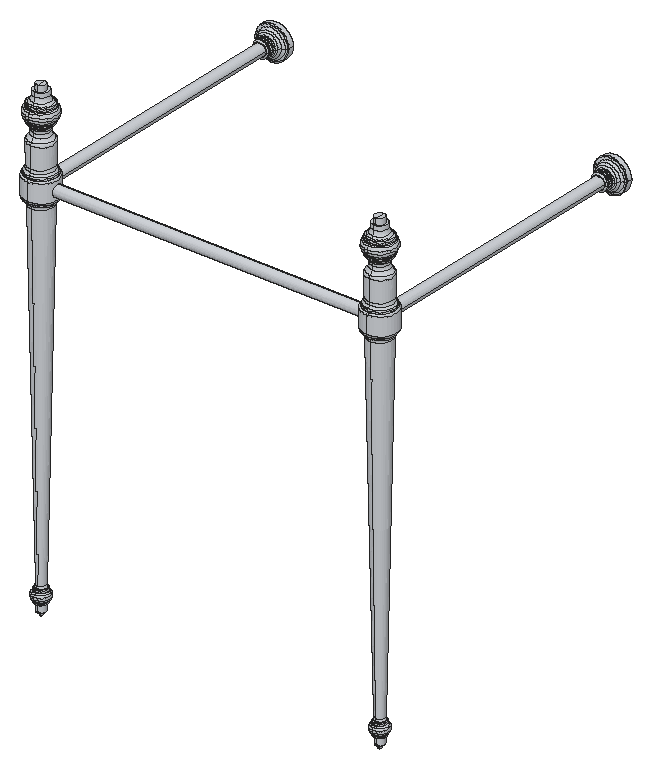
Revit family "Furniture-Console_Table_Legs-KOHLER-Memoirs-K-30010", category Specialty Equipment, host Face, Revit 2015
Parameters (values of type "CP-Polished Chrome")
  Width = 22 15/16"  # constant formula
  URL = "https://www.us.kohler.com/us/"
  Type = 1
  Product Page URL = "http://www.us.kohler.com/us/catalog/productDetails.jsp?productNumber=30010"
  Product Name = "Memoirs"  # constant formula
  Product Documentation Link = "http://www.us.kohler.com/onlinecatalog/pdf/K-30010_spec.pdf"
  Model = if(Type = 1, "K-30010-CP", if(Type = 2, "K-30010-BN", if(Type = 3, "K-30010-BV", if(Type = 4, "K-30010-2BZ", "NA"))))  # "K-30010-CP"
  Material = "Solid Brass"  # constant formula
  MasterFormat 2004 = "10.28.13"  # constant formula
  MasterFormat 1995 = "10820"  # constant formula
  Manufacturer Address = "444 Highland Dr, Kohler, WI 53044"  # constant formula
  Manufacturer = "KOHLER Co."  # constant formula
  Length = 19 7/8"  # constant formula
  Height = 32 1/4"  # constant formula
  Finish = Kohler-Metal-CP-Polished_Chrome
  Environmental Product Declaration = ""
  Description = "Console table legs for K-2259 Memoirs sink"  # constant formula
  Default Elevation = 42"
  Declare Label = ""
  Date Modified = "12/11/2018"  # constant formula
  Date Created = "12/11/2018"  # constant formula
  Copyright = "Copyright KOHLER Co."  # constant formula
  Contact Us = "https://www.us.kohler.com/us/static/contact.jsp"
  Assembly Code = "C1030200"
  ADA Compliant = 1 = 0  # no
Reference planes (in)
  plane 1 "Center (Front/Back)": y = 0
  plane 2: z = 0
  plane 3 "Center (Left/Right)": x = 0
  plane 4: x = -11.46875
  plane 5: x = 11.46875
  plane 6: z = 32.25
  plane 7: y = 19.875
Dimensions and locks (in)
  "Height": plane 6 to level
  "Length": plane 7 to plane 1 "Center (Front/Back)"
  "Width": plane 4 to plane 5
  aligned and locked: host face to plane 2
  aligned and locked: host face to level
Automatic sketch dimensions
  host sketch curve to host sketch curve = 96"  (x2)
Nested families (in)
  nested 1: "K-30010" at (0, 19.875, 16.125) x (-1, 0, 0) z (0, -1, 0), type "K-30010"
Definition of nested family "K-30010"
  Parameters (values of type "K-30010")
    Material = none
    Default Elevation = 48"
  Reference planes (in)
    plane 1 "Center (Front/Back)": y = 0
    plane 2: z = 0
    plane 3 "Center (Left/Right)": x = 0
    plane 4: x = -11.46875
    plane 5: y = 16.125
    plane 6: y = -16.125
    plane 7: z = 19.875
    plane 8: x = 11.46875
  Forms (in)
    Revolve 1, solid, material <- "Material", detail levels medium+fine
      sketch origin (2.60225, 10.011, 0) x (1, 0, 0) y (0, 0, 1)
        loop
          line (8.8665, 0) -> (8.8665, 19.875) -> (8.4915, 19.875) -> (8.4915, 1.346) -> (8.41056, 1.346)
          arc (8.41056, 1.346) -> (8.35644, 1.32732) -> (8.32535, 1.27924) r 0.08775
          arc (8.32535, 1.27924) -> (8.32209, 1.25169) -> (8.32567, 1.22418) r 0.11251
          arc (8.32567, 1.22418) -> (8.33527, 1.20686) -> (8.35207, 1.19637) r 0.03951
          arc (8.35207, 1.19637) -> (8.37205, 1.18696) -> (8.38876, 1.17254) r 0.08155
          arc (8.38876, 1.17254) -> (8.41798, 1.12495) -> (8.42939, 1.0703) r 0.16273
          arc (8.42939, 1.0703) -> (8.41548, 1.01029) -> (8.37349, 0.96522) r 0.11929
          arc (8.37349, 0.96522) -> (8.34977, 0.95245) -> (8.32458, 0.94291) r 0.20464
          arc (8.32458, 0.94291) -> (8.30177, 0.92618) -> (8.29436, 0.89887) r 0.04282
          arc (8.29436, 0.89887) -> (8.28152, 0.85026) -> (8.24157, 0.81975) r 0.07754
          arc (8.24157, 0.81975) -> (8.18109, 0.78696) -> (8.1355, 0.73544) r 0.19783
          arc (8.1355, 0.73544) -> (8.09143, 0.65925) -> (8.05125, 0.58094) r 1.74576
          arc (8.05125, 0.58094) -> (7.99566, 0.49545) -> (7.92029, 0.42677) r 0.40039
          arc (7.92029, 0.42677) -> (7.84865, 0.39029) -> (7.76973, 0.37504) r 0.28779
          arc (7.76973, 0.37504) -> (7.74365, 0.36305) -> (7.733, 0.3364) r 0.03869
          line (7.733, 0.3364) -> (7.733, 0) -> (8.8665, 0)
        axis (8.8665, 19.875) -> (8.8665, 0)
      angle from 0 to 360
    Revolve 2, solid, material <- "Material", detail levels medium+fine
      sketch origin (-2.59375, 10.011, 0) x (-1, 0, 0) y (0, 0, -1)
        loop
          line (8.875, 0) -> (7.7415, 0) -> (7.7415, -0.3364)
          arc (7.7415, -0.3364) -> (7.75215, -0.36305) -> (7.77823, -0.37504) r 0.03869
          arc (7.77823, -0.37504) -> (7.85715, -0.39029) -> (7.92879, -0.42677) r 0.28779
          arc (7.92879, -0.42677) -> (8.00416, -0.49545) -> (8.05975, -0.58094) r 0.40039
          arc (8.05975, -0.58094) -> (8.09993, -0.65925) -> (8.144, -0.73544) r 1.74576
          arc (8.144, -0.73544) -> (8.18959, -0.78696) -> (8.25007, -0.81975) r 0.19783
          arc (8.25007, -0.81975) -> (8.29002, -0.85026) -> (8.30286, -0.89887) r 0.07754
          arc (8.30286, -0.89887) -> (8.31027, -0.92618) -> (8.33308, -0.94291) r 0.04282
          arc (8.33308, -0.94291) -> (8.35827, -0.95245) -> (8.38199, -0.96522) r 0.20464
          arc (8.38199, -0.96522) -> (8.42398, -1.01029) -> (8.43789, -1.0703) r 0.11929
          arc (8.43789, -1.0703) -> (8.42648, -1.12495) -> (8.39726, -1.17254) r 0.16273
          arc (8.39726, -1.17254) -> (8.38055, -1.18696) -> (8.36057, -1.19637) r 0.08155
          arc (8.36057, -1.19637) -> (8.34377, -1.20686) -> (8.33417, -1.22418) r 0.03951
          arc (8.33417, -1.22418) -> (8.33059, -1.25169) -> (8.33386, -1.27924) r 0.11251
          arc (8.33386, -1.27924) -> (8.36494, -1.32732) -> (8.41906, -1.346) r 0.08775
          line (8.41906, -1.346) -> (8.5, -1.346) -> (8.5, -19.875) -> (8.875, -19.875) -> (8.875, 0)
        axis (8.875, -19.875) -> (8.875, 0)
      angle from 0 to 360
    Revolve 3, solid, material <- "Material", detail levels medium+fine
      sketch origin (-11.46875, 0, 3.5625) x (0, 1, 0) y (0, 0, 1)
        loop
          line (16.125, 16.3125) -> (16.125, 16.6215) -> (15.765, 16.6215) -> (15.765, 16.8065) -> (15.515, 16.8065)
          arc (15.515, 16.8065) -> (15.35094, 16.82869) -> (15.19867, 16.89366) r 0.61762
          arc (15.19867, 16.89366) -> (15.11895, 16.95203) -> (15.05158, 17.02431) r 0.52475
          arc (15.05158, 17.02431) -> (15.01863, 17.07736) -> (14.99688, 17.13591) r 0.31252
          arc (14.99688, 17.13591) -> (14.97885, 17.16317) -> (14.94791, 17.17373) r 0.05061
          line (14.94791, 17.17373) -> (14.85323, 17.17373)
          arc (14.85323, 17.17373) -> (14.82854, 17.17879) -> (14.80784, 17.19315) r 0.06273
          arc (14.80784, 17.19315) -> (14.76185, 17.23557) -> (14.71083, 17.27178) r 0.49001
          arc (14.71083, 17.27178) -> (14.62314, 17.31622) -> (14.52924, 17.34532) r 0.58399
          arc (14.52924, 17.34532) -> (14.442, 17.35651) -> (14.35415, 17.35211) r 0.49615
          arc (14.35415, 17.35211) -> (14.25641, 17.32992) -> (14.1638, 17.29158) r 0.5934
          arc (14.1638, 17.29158) -> (14.09759, 17.25005) -> (14.03918, 17.19812) r 0.46996
          arc (14.03918, 17.19812) -> (14.01299, 17.17992) -> (13.98175, 17.1735) r 0.0793
          line (13.98175, 17.1735) -> (13.89812, 17.1735)
          arc (13.89812, 17.1735) -> (13.86983, 17.16696) -> (13.84728, 17.14865) r 0.06443
          arc (13.84728, 17.14865) -> (13.82732, 17.12431) -> (13.80614, 17.10101) r 0.61911
          arc (13.80614, 17.10101) -> (13.74083, 17.03972) -> (13.66928, 16.98584) r 0.82896
          arc (13.66928, 16.98584) -> (13.61365, 16.95374) -> (13.55418, 16.92951) r 0.4712
          arc (13.55418, 16.92951) -> (13.46183, 16.90463) -> (13.3673, 16.89012) r 0.86277
          arc (13.3673, 16.89012) -> (13.24304, 16.89348) -> (13.12341, 16.92722) r 0.50287
          arc (13.12341, 16.92722) -> (12.98459, 17.00156) -> (12.86189, 17.10024) r 0.84916
          arc (12.86189, 17.10024) -> (12.77921, 17.1535) -> (12.68239, 17.17074) r 0.25
          line (12.68239, 17.17074) -> (11.29071, 17.14048)
          arc (11.29071, 17.14048) -> (11.18734, 17.14534) -> (11.08561, 17.16432) r 0.7535
          arc (11.08561, 17.16432) -> (10.98562, 17.20401) -> (10.89852, 17.26716) r 0.43244
          arc (10.89852, 17.26716) -> (10.86414, 17.2889) -> (10.82418, 17.29651) r 0.10882
          line (10.82418, 17.29651) -> (10.7402, 17.29651)
          arc (10.7402, 17.29651) -> (10.7237, 17.3034) -> (10.71699, 17.31997) r 0.02321
          arc (10.71699, 17.31997) -> (10.68841, 17.39063) -> (10.61808, 17.42) r 0.09892
          line (10.61808, 17.42) -> (9.40474, 17.42)
          arc (9.40474, 17.42) -> (9.33311, 17.38967) -> (9.30505, 17.31711) r 0.09974
          arc (9.30505, 17.31711) -> (9.29943, 17.30258) -> (9.28508, 17.2965) r 0.01998
          line (9.28508, 17.2965) -> (9.19764, 17.2965)
          arc (9.19764, 17.2965) -> (9.16479, 17.28738) -> (9.14136, 17.26262) r 0.06369
          arc (9.14136, 17.26262) -> (9.02349, 17.13683) -> (8.85813, 17.08814) r 0.32813
          line (8.85813, 17.08814) -> (-14.19593, 16.61484)
          arc (-14.19593, 16.61484) -> (-14.2741, 16.62311) -> (-14.34774, 16.6506) r 0.31293
          arc (-14.34774, 16.6506) -> (-14.387, 16.67549) -> (-14.42168, 16.70644) r 0.28437
          arc (-14.42168, 16.70644) -> (-14.44312, 16.72136) -> (-14.46869, 16.72661) r 0.06488
          line (-14.46869, 16.72661) -> (-14.56367, 16.72661)
          arc (-14.56367, 16.72661) -> (-14.5782, 16.73217) -> (-14.58531, 16.74599) r 0.02176
          arc (-14.58531, 16.74599) -> (-14.58951, 16.76093) -> (-14.59832, 16.7737) r 0.04734
          arc (-14.59832, 16.7737) -> (-14.63686, 16.81048) -> (-14.67821, 16.84406) r 0.66345
          arc (-14.67821, 16.84406) -> (-14.73924, 16.87864) -> (-14.80697, 16.8969) r 0.27881
          arc (-14.80697, 16.8969) -> (-14.8828, 16.90092) -> (-14.95824, 16.89217) r 0.45132
          arc (-14.95824, 16.89217) -> (-15.02292, 16.87159) -> (-15.08166, 16.83758) r 0.31371
          arc (-15.08166, 16.83758) -> (-15.12797, 16.79804) -> (-15.16801, 16.75216) r 0.41553
          arc (-15.16801, 16.75216) -> (-15.19005, 16.73378) -> (-15.21798, 16.72719) r 0.0625
          line (-15.21798, 16.72719) -> (-15.27256, 16.72719)
          arc (-15.27256, 16.72719) -> (-15.3168, 16.70887) -> (-15.33512, 16.66463) r 0.06256
          line (-15.33512, 16.66463) -> (-15.33512, 16.6065) -> (-15.81259, 16.6065)
          arc (-15.81259, 16.6065) -> (-15.85672, 16.58822) -> (-15.875, 16.54409) r 0.06241
          line (-15.875, 16.54409) -> (-15.875, 16.3965) -> (-16.094, 16.3965) -> (-16.125, 16.3655) -> (-16.125, 16.3125) -> (16.125, 16.3125)
        axis (-16.125, 16.3125) -> (16.125, 16.3125)
      angle from 0 to 360
    Revolve 4, solid, material <- "Material", detail levels medium+fine
      sketch origin (11.46875, 0, 3.5625) x (0, 1, 0) y (0, 0, -1)
        loop
          line (16.125, -16.3125) -> (-16.125, -16.3125) -> (-16.125, -16.3655) -> (-16.094, -16.3965) -> (-15.875, -16.3965) -> (-15.875, -16.54409)
          arc (-15.875, -16.54409) -> (-15.85672, -16.58822) -> (-15.81259, -16.6065) r 0.06241
          line (-15.81259, -16.6065) -> (-15.33512, -16.6065) -> (-15.33512, -16.66463)
          arc (-15.33512, -16.66463) -> (-15.3168, -16.70887) -> (-15.27256, -16.72719) r 0.06256
          line (-15.27256, -16.72719) -> (-15.21798, -16.72719)
          arc (-15.21798, -16.72719) -> (-15.19005, -16.73378) -> (-15.16801, -16.75216) r 0.0625
          arc (-15.16801, -16.75216) -> (-15.12797, -16.79804) -> (-15.08166, -16.83758) r 0.41553
          arc (-15.08166, -16.83758) -> (-15.02292, -16.87159) -> (-14.95824, -16.89217) r 0.31371
          arc (-14.95824, -16.89217) -> (-14.8828, -16.90092) -> (-14.80697, -16.8969) r 0.45132
          arc (-14.80697, -16.8969) -> (-14.73924, -16.87864) -> (-14.67821, -16.84406) r 0.27881
          arc (-14.67821, -16.84406) -> (-14.63686, -16.81048) -> (-14.59832, -16.7737) r 0.66345
          arc (-14.59832, -16.7737) -> (-14.58951, -16.76093) -> (-14.58531, -16.74599) r 0.04734
          arc (-14.58531, -16.74599) -> (-14.5782, -16.73217) -> (-14.56367, -16.72661) r 0.02176
          line (-14.56367, -16.72661) -> (-14.46869, -16.72661)
          arc (-14.46869, -16.72661) -> (-14.44312, -16.72136) -> (-14.42168, -16.70644) r 0.06488
          arc (-14.42168, -16.70644) -> (-14.387, -16.67549) -> (-14.34774, -16.6506) r 0.28437
          arc (-14.34774, -16.6506) -> (-14.2741, -16.62311) -> (-14.19593, -16.61484) r 0.31293
          line (-14.19593, -16.61484) -> (8.85813, -17.08814)
          arc (8.85813, -17.08814) -> (9.02349, -17.13683) -> (9.14136, -17.26262) r 0.32813
          arc (9.14136, -17.26262) -> (9.16479, -17.28738) -> (9.19764, -17.2965) r 0.06369
          line (9.19764, -17.2965) -> (9.28508, -17.2965)
          arc (9.28508, -17.2965) -> (9.29943, -17.30258) -> (9.30505, -17.31711) r 0.01998
          arc (9.30505, -17.31711) -> (9.33311, -17.38967) -> (9.40474, -17.42) r 0.09974
          line (9.40474, -17.42) -> (10.61808, -17.42)
          arc (10.61808, -17.42) -> (10.68841, -17.39063) -> (10.71699, -17.31997) r 0.09892
          arc (10.71699, -17.31997) -> (10.7237, -17.3034) -> (10.7402, -17.29651) r 0.02321
          line (10.7402, -17.29651) -> (10.82418, -17.29651)
          arc (10.82418, -17.29651) -> (10.86414, -17.2889) -> (10.89852, -17.26716) r 0.10882
          arc (10.89852, -17.26716) -> (10.98562, -17.20401) -> (11.08561, -17.16432) r 0.43244
          arc (11.08561, -17.16432) -> (11.18734, -17.14534) -> (11.29071, -17.14048) r 0.7535
          line (11.29071, -17.14048) -> (12.68239, -17.17074)
          arc (12.68239, -17.17074) -> (12.77921, -17.1535) -> (12.86189, -17.10024) r 0.25
          arc (12.86189, -17.10024) -> (12.98459, -17.00156) -> (13.12341, -16.92722) r 0.84916
          arc (13.12341, -16.92722) -> (13.24304, -16.89348) -> (13.3673, -16.89012) r 0.50287
          arc (13.3673, -16.89012) -> (13.46183, -16.90463) -> (13.55418, -16.92951) r 0.86277
          arc (13.55418, -16.92951) -> (13.61365, -16.95374) -> (13.66928, -16.98584) r 0.4712
          arc (13.66928, -16.98584) -> (13.74083, -17.03972) -> (13.80614, -17.10101) r 0.82896
          arc (13.80614, -17.10101) -> (13.82732, -17.12431) -> (13.84728, -17.14865) r 0.61911
          arc (13.84728, -17.14865) -> (13.86983, -17.16696) -> (13.89812, -17.1735) r 0.06443
          line (13.89812, -17.1735) -> (13.98175, -17.1735)
          arc (13.98175, -17.1735) -> (14.01299, -17.17992) -> (14.03918, -17.19812) r 0.0793
          arc (14.03918, -17.19812) -> (14.09759, -17.25005) -> (14.1638, -17.29158) r 0.46996
          arc (14.1638, -17.29158) -> (14.25641, -17.32992) -> (14.35415, -17.35211) r 0.5934
          arc (14.35415, -17.35211) -> (14.442, -17.35651) -> (14.52924, -17.34532) r 0.49615
          arc (14.52924, -17.34532) -> (14.62314, -17.31622) -> (14.71083, -17.27178) r 0.58399
          arc (14.71083, -17.27178) -> (14.76185, -17.23557) -> (14.80784, -17.19315) r 0.49001
          arc (14.80784, -17.19315) -> (14.82854, -17.17879) -> (14.85323, -17.17373) r 0.06273
          line (14.85323, -17.17373) -> (14.94791, -17.17373)
          arc (14.94791, -17.17373) -> (14.97885, -17.16317) -> (14.99688, -17.13591) r 0.05061
          arc (14.99688, -17.13591) -> (15.01863, -17.07736) -> (15.05158, -17.02431) r 0.31252
          arc (15.05158, -17.02431) -> (15.11895, -16.95203) -> (15.19867, -16.89366) r 0.52475
          arc (15.19867, -16.89366) -> (15.35094, -16.82869) -> (15.515, -16.8065) r 0.61762
          line (15.515, -16.8065) -> (15.765, -16.8065) -> (15.765, -16.6215) -> (16.125, -16.6215) -> (16.125, -16.3125)
        axis (-16.125, -16.3125) -> (16.125, -16.3125)
      angle from 0 to 360
    Extrusion 5, solid, material <- "Material", detail levels medium+fine
      sketch origin (0, 0, 3.5625) x (0, 1, 0) y (0, 0, 1)
        loop
          circle (10.011, 16.3125) r 0.375
      from -11.46875 to 11.46875
    Revolve 6, solid, material <- "Material", detail levels coarse
      sketch origin (11.46875, 0, 0) x (0, 1, 0) y (0, 0, 1)
        loop
          line (10.011, 0) -> (10.011, 19.875) -> (9.636, 19.875) -> (9.636, 1.346) -> (8.8775, 1.346) -> (8.8775, 0) -> (10.011, 0)
        axis (10.011, 0) -> (10.011, 19.875)
      angle from 0 to 360
    Revolve 7, solid, material <- "Material", detail levels coarse
      sketch origin (-11.46875, 0, 0) x (0, 1, 0) y (0, 0, -1)
        loop
          line (10.011, 0) -> (8.8775, 0) -> (8.8775, -1.346) -> (9.636, -1.346) -> (9.636, -19.875) -> (10.011, -19.875) -> (10.011, 0)
        axis (10.011, 0) -> (10.011, -19.875)
      angle from 0 to 360
    Revolve 8, solid, material <- "Material", detail levels coarse
      sketch origin (0, 0, 19.875) x (1, 0, 0) y (0, 1, 0)
        loop
          line (-11.46875, 16.125) -> (-11.46875, -16.125) -> (-10.88033, -16.125) -> (-10.88033, -14.8828) -> (-10.36125, 10.386) -> (-10.42474, 14.442) -> (-10.42474, 16.125) -> (-11.46875, 16.125)
        axis (-11.46875, 16.125) -> (-11.46875, -16.125)
      angle from 0 to 360
    Revolve 9, solid, material <- "Material", detail levels coarse
      sketch origin (0, 0, 19.875) x (-1, 0, 0) y (0, -1, 0)
        loop
          line (-11.46875, -16.125) -> (-10.42474, -16.125) -> (-10.42474, -14.442) -> (-10.36125, -10.386) -> (-10.88033, 14.8828) -> (-10.88033, 16.125) -> (-11.46875, 16.125) -> (-11.46875, -16.125)
        axis (-11.46875, -16.125) -> (-11.46875, 16.125)
      angle from 0 to 360
    Extrusion 10, solid, material <- "Material", detail levels coarse
      sketch origin (0, 0, 0) x (0, 1, 0) y (0, 0, 1)
        loop
          circle (10.011, 19.875) r 0.44393
      from -11.46875 to 11.46875
  Cuts and joins
    joined: Revolve 1, Revolve 2, Revolve 3, Revolve 4, Extrusion 5
    joined: Revolve 6, Revolve 7, Revolve 8, Revolve 9, Extrusion 10
  Lines and regions (in)
    Masking region 1
      outline origin (0, 0, 0) x (1, 0, 0) y (0, 0, 1)
        loop
          line (11.46875, 0) -> (12.60225, 0) -> (12.60225, 0.3364)
          arc (12.60225, 0.3364) -> (12.5916, 0.36305) -> (12.56552, 0.37504) r 0.03869
          arc (12.56552, 0.37504) -> (12.4866, 0.39029) -> (12.41496, 0.42677) r 0.28779
          arc (12.41496, 0.42677) -> (12.33959, 0.49545) -> (12.284, 0.58094) r 0.40039
          arc (12.284, 0.58094) -> (12.24382, 0.65925) -> (12.19975, 0.73544) r 1.74576
          arc (12.19975, 0.73544) -> (12.15416, 0.78696) -> (12.09368, 0.81975) r 0.19783
          arc (12.09368, 0.81975) -> (12.05373, 0.85026) -> (12.04089, 0.89887) r 0.07754
          arc (12.04089, 0.89887) -> (12.03348, 0.92618) -> (12.01067, 0.94291) r 0.04282
          arc (12.01067, 0.94291) -> (11.98548, 0.95245) -> (11.96176, 0.96522) r 0.20464
          arc (11.96176, 0.96522) -> (11.91977, 1.01029) -> (11.90586, 1.0703) r 0.11929
          arc (11.90586, 1.0703) -> (11.91727, 1.12495) -> (11.94649, 1.17254) r 0.16273
          arc (11.94649, 1.17254) -> (11.9632, 1.18696) -> (11.98318, 1.19637) r 0.08155
          arc (11.98318, 1.19637) -> (11.99998, 1.20686) -> (12.00958, 1.22418) r 0.03951
          arc (12.00958, 1.22418) -> (12.01316, 1.25169) -> (12.00989, 1.27924) r 0.11251
          arc (12.00989, 1.27924) -> (11.97881, 1.32732) -> (11.92469, 1.346) r 0.08775
          line (11.92469, 1.346) -> (11.84375, 1.346) -> (11.84375, 18.83289)
          arc (11.84375, 18.83289) -> (12.25189, 20.65814) -> (10.42664, 20.25) r 1.10753
          line (10.42664, 20.25) -> (-10.42667, 20.25)
          arc (-10.42667, 20.25) -> (-12.25187, 20.65812) -> (-11.84375, 18.83292) r 1.1075
          line (-11.84375, 18.83292) -> (-11.84375, 1.346) -> (-11.92469, 1.346)
          arc (-11.92469, 1.346) -> (-11.97881, 1.32732) -> (-12.00989, 1.27924) r 0.08775
          arc (-12.00989, 1.27924) -> (-12.01316, 1.25169) -> (-12.00958, 1.22418) r 0.11251
          arc (-12.00958, 1.22418) -> (-11.99998, 1.20686) -> (-11.98318, 1.19637) r 0.03951
          arc (-11.98318, 1.19637) -> (-11.9632, 1.18696) -> (-11.94649, 1.17254) r 0.08155
          arc (-11.94649, 1.17254) -> (-11.91727, 1.12495) -> (-11.90586, 1.0703) r 0.16273
          arc (-11.90586, 1.0703) -> (-11.91977, 1.01029) -> (-11.96176, 0.96522) r 0.11929
          arc (-11.96176, 0.96522) -> (-11.98548, 0.95245) -> (-12.01067, 0.94291) r 0.20464
          arc (-12.01067, 0.94291) -> (-12.03348, 0.92618) -> (-12.04089, 0.89887) r 0.04282
          arc (-12.04089, 0.89887) -> (-12.05373, 0.85026) -> (-12.09368, 0.81975) r 0.07754
          arc (-12.09368, 0.81975) -> (-12.15416, 0.78696) -> (-12.19975, 0.73544) r 0.19783
          arc (-12.19975, 0.73544) -> (-12.24382, 0.65925) -> (-12.284, 0.58094) r 1.74576
          arc (-12.284, 0.58094) -> (-12.33959, 0.49545) -> (-12.41496, 0.42677) r 0.40039
          arc (-12.41496, 0.42677) -> (-12.4866, 0.39029) -> (-12.56552, 0.37504) r 0.28779
          arc (-12.56552, 0.37504) -> (-12.5916, 0.36305) -> (-12.60225, 0.3364) r 0.03869
          line (-12.60225, 0.3364) -> (-12.60225, 0) -> (-11.46875, 0) -> (-10.33525, 0) -> (-10.33525, 0.3364)
          arc (-10.33525, 0.3364) -> (-10.3459, 0.36305) -> (-10.37198, 0.37504) r 0.03869
          arc (-10.37198, 0.37504) -> (-10.4509, 0.39029) -> (-10.52254, 0.42677) r 0.28779
          arc (-10.52254, 0.42677) -> (-10.59791, 0.49545) -> (-10.6535, 0.58094) r 0.40039
          arc (-10.6535, 0.58094) -> (-10.69368, 0.65925) -> (-10.73775, 0.73544) r 1.74576
          arc (-10.73775, 0.73544) -> (-10.78334, 0.78696) -> (-10.84382, 0.81975) r 0.19783
          arc (-10.84382, 0.81975) -> (-10.88377, 0.85026) -> (-10.89661, 0.89887) r 0.07754
          arc (-10.89661, 0.89887) -> (-10.90402, 0.92618) -> (-10.92683, 0.94291) r 0.04282
          arc (-10.92683, 0.94291) -> (-10.95202, 0.95245) -> (-10.97574, 0.96522) r 0.20464
          arc (-10.97574, 0.96522) -> (-11.01773, 1.01029) -> (-11.03164, 1.0703) r 0.11929
          arc (-11.03164, 1.0703) -> (-11.02023, 1.12495) -> (-10.99101, 1.17254) r 0.16273
          arc (-10.99101, 1.17254) -> (-10.9743, 1.18696) -> (-10.95432, 1.19637) r 0.08155
          arc (-10.95432, 1.19637) -> (-10.93752, 1.20686) -> (-10.92792, 1.22418) r 0.03951
          arc (-10.92792, 1.22418) -> (-10.92434, 1.25169) -> (-10.92761, 1.27924) r 0.11251
          arc (-10.92761, 1.27924) -> (-10.95869, 1.32732) -> (-11.01281, 1.346) r 0.08775
          line (-11.01281, 1.346) -> (-11.09375, 1.346) -> (-11.09375, 18.83292)
          arc (-11.09375, 18.83292) -> (-10.68563, 19.09188) -> (-10.42667, 19.5) r 1.1075
          line (-10.42667, 19.5) -> (10.42664, 19.5)
          arc (10.42664, 19.5) -> (10.68561, 19.09186) -> (11.09375, 18.83289) r 1.10753
          line (11.09375, 18.83289) -> (11.09375, 1.346) -> (11.01281, 1.346)
          arc (11.01281, 1.346) -> (10.95869, 1.32732) -> (10.92761, 1.27924) r 0.08775
          arc (10.92761, 1.27924) -> (10.92434, 1.25169) -> (10.92792, 1.22418) r 0.11251
          arc (10.92792, 1.22418) -> (10.93752, 1.20686) -> (10.95432, 1.19637) r 0.03951
          arc (10.95432, 1.19637) -> (10.9743, 1.18696) -> (10.99101, 1.17254) r 0.08155
          arc (10.99101, 1.17254) -> (11.02023, 1.12495) -> (11.03164, 1.0703) r 0.16273
          arc (11.03164, 1.0703) -> (11.01773, 1.01029) -> (10.97574, 0.96522) r 0.11929
          arc (10.97574, 0.96522) -> (10.95202, 0.95245) -> (10.92683, 0.94291) r 0.20464
          arc (10.92683, 0.94291) -> (10.90402, 0.92618) -> (10.89661, 0.89887) r 0.04282
          arc (10.89661, 0.89887) -> (10.88377, 0.85026) -> (10.84382, 0.81975) r 0.07754
          arc (10.84382, 0.81975) -> (10.78334, 0.78696) -> (10.73775, 0.73544) r 0.19783
          arc (10.73775, 0.73544) -> (10.69368, 0.65925) -> (10.6535, 0.58094) r 1.74576
          arc (10.6535, 0.58094) -> (10.59791, 0.49545) -> (10.52254, 0.42677) r 0.40039
          arc (10.52254, 0.42677) -> (10.4509, 0.39029) -> (10.37198, 0.37504) r 0.28779
          arc (10.37198, 0.37504) -> (10.3459, 0.36305) -> (10.33525, 0.3364) r 0.03869
          line (10.33525, 0.3364) -> (10.33525, 0) -> (11.46875, 0)
    Masking region 2
      outline origin (0, 0, 0) x (0, 1, 0) y (0, 0, 1)
        loop
          line (10.011, 0) -> (11.1445, 0) -> (11.1445, 0.3364)
          arc (11.1445, 0.3364) -> (11.13385, 0.36305) -> (11.10777, 0.37504) r 0.03869
          arc (11.10777, 0.37504) -> (11.02885, 0.39029) -> (10.95721, 0.42677) r 0.28779
          arc (10.95721, 0.42677) -> (10.88184, 0.49545) -> (10.82625, 0.58094) r 0.40039
          arc (10.82625, 0.58094) -> (10.78607, 0.65925) -> (10.742, 0.73544) r 1.74576
          arc (10.742, 0.73544) -> (10.69641, 0.78696) -> (10.63593, 0.81975) r 0.19783
          arc (10.63593, 0.81975) -> (10.59598, 0.85026) -> (10.58314, 0.89887) r 0.07754
          arc (10.58314, 0.89887) -> (10.57573, 0.92618) -> (10.55292, 0.94291) r 0.04282
          arc (10.55292, 0.94291) -> (10.52773, 0.95245) -> (10.50401, 0.96522) r 0.20464
          arc (10.50401, 0.96522) -> (10.46202, 1.01029) -> (10.44811, 1.0703) r 0.11929
          arc (10.44811, 1.0703) -> (10.45952, 1.12495) -> (10.48874, 1.17254) r 0.16273
          arc (10.48874, 1.17254) -> (10.50545, 1.18696) -> (10.52543, 1.19637) r 0.08155
          arc (10.52543, 1.19637) -> (10.54223, 1.20686) -> (10.55183, 1.22418) r 0.03951
          arc (10.55183, 1.22418) -> (10.55541, 1.25169) -> (10.55214, 1.27924) r 0.11251
          arc (10.55214, 1.27924) -> (10.52106, 1.32732) -> (10.46694, 1.346) r 0.08775
          line (10.46694, 1.346) -> (10.386, 1.346) -> (10.386, 18.7675) -> (10.61808, 18.7675)
          arc (10.61808, 18.7675) -> (10.68841, 18.79687) -> (10.71699, 18.86753) r 0.09892
          arc (10.71699, 18.86753) -> (10.7237, 18.8841) -> (10.7402, 18.89099) r 0.02321
          line (10.7402, 18.89099) -> (10.82418, 18.89099)
          arc (10.82418, 18.89099) -> (10.86414, 18.8986) -> (10.89852, 18.92034) r 0.10882
          arc (10.89852, 18.92034) -> (10.98562, 18.98349) -> (11.08561, 19.02318) r 0.43244
          arc (11.08561, 19.02318) -> (11.18734, 19.04216) -> (11.29071, 19.04702) r 0.7535
          line (11.29071, 19.04702) -> (12.68239, 19.01676)
          arc (12.68239, 19.01676) -> (12.77921, 19.034) -> (12.86189, 19.08726) r 0.25
          arc (12.86189, 19.08726) -> (12.98459, 19.18594) -> (13.12341, 19.26028) r 0.84916
          arc (13.12341, 19.26028) -> (13.24304, 19.29402) -> (13.3673, 19.29738) r 0.50287
          arc (13.3673, 19.29738) -> (13.46183, 19.28287) -> (13.55418, 19.25799) r 0.86277
          arc (13.55418, 19.25799) -> (13.61365, 19.23376) -> (13.66928, 19.20166) r 0.4712
          arc (13.66928, 19.20166) -> (13.74083, 19.14778) -> (13.80614, 19.08649) r 0.82896
          arc (13.80614, 19.08649) -> (13.82732, 19.06319) -> (13.84728, 19.03885) r 0.61911
          arc (13.84728, 19.03885) -> (13.86983, 19.02054) -> (13.89812, 19.014) r 0.06443
          line (13.89812, 19.014) -> (13.98175, 19.014)
          arc (13.98175, 19.014) -> (14.01299, 19.00758) -> (14.03918, 18.98938) r 0.0793
          arc (14.03918, 18.98938) -> (14.09759, 18.93745) -> (14.1638, 18.89592) r 0.46996
          arc (14.1638, 18.89592) -> (14.25641, 18.85758) -> (14.35415, 18.83539) r 0.5934
          arc (14.35415, 18.83539) -> (14.442, 18.83099) -> (14.52924, 18.84218) r 0.49615
          arc (14.52924, 18.84218) -> (14.62314, 18.87128) -> (14.71083, 18.91572) r 0.58399
          arc (14.71083, 18.91572) -> (14.76185, 18.95193) -> (14.80784, 18.99435) r 0.49001
          arc (14.80784, 18.99435) -> (14.82854, 19.00871) -> (14.85323, 19.01377) r 0.06273
          line (14.85323, 19.01377) -> (14.94791, 19.01377)
          arc (14.94791, 19.01377) -> (14.97885, 19.02433) -> (14.99688, 19.05159) r 0.05061
          arc (14.99688, 19.05159) -> (15.01863, 19.11014) -> (15.05158, 19.16319) r 0.31252
          arc (15.05158, 19.16319) -> (15.11895, 19.23547) -> (15.19867, 19.29384) r 0.52475
          arc (15.19867, 19.29384) -> (15.35094, 19.35881) -> (15.515, 19.381) r 0.61762
          line (15.515, 19.381) -> (15.765, 19.381) -> (15.765, 19.566) -> (16.125, 19.566) -> (16.125, 19.875) -> (16.125, 20.184) -> (15.765, 20.184) -> (15.765, 20.369) -> (15.515, 20.369)
          arc (15.515, 20.369) -> (15.35094, 20.39119) -> (15.19867, 20.45616) r 0.61762
          arc (15.19867, 20.45616) -> (15.11895, 20.51453) -> (15.05158, 20.58681) r 0.52475
          arc (15.05158, 20.58681) -> (15.01863, 20.63986) -> (14.99688, 20.69841) r 0.31252
          arc (14.99688, 20.69841) -> (14.97885, 20.72567) -> (14.94791, 20.73623) r 0.05061
          line (14.94791, 20.73623) -> (14.85323, 20.73623)
          arc (14.85323, 20.73623) -> (14.82854, 20.74129) -> (14.80784, 20.75565) r 0.06273
          arc (14.80784, 20.75565) -> (14.76185, 20.79807) -> (14.71083, 20.83428) r 0.49001
          arc (14.71083, 20.83428) -> (14.62314, 20.87872) -> (14.52924, 20.90782) r 0.58399
          arc (14.52924, 20.90782) -> (14.442, 20.91901) -> (14.35415, 20.91461) r 0.49615
          arc (14.35415, 20.91461) -> (14.25641, 20.89242) -> (14.1638, 20.85408) r 0.5934
          arc (14.1638, 20.85408) -> (14.09759, 20.81255) -> (14.03918, 20.76062) r 0.46996
          arc (14.03918, 20.76062) -> (14.01299, 20.74242) -> (13.98175, 20.736) r 0.0793
          line (13.98175, 20.736) -> (13.89812, 20.736)
          arc (13.89812, 20.736) -> (13.86983, 20.72946) -> (13.84728, 20.71115) r 0.06443
          arc (13.84728, 20.71115) -> (13.82732, 20.68681) -> (13.80614, 20.66351) r 0.61911
          arc (13.80614, 20.66351) -> (13.74083, 20.60222) -> (13.66928, 20.54834) r 0.82896
          arc (13.66928, 20.54834) -> (13.61365, 20.51624) -> (13.55418, 20.49201) r 0.4712
          arc (13.55418, 20.49201) -> (13.46183, 20.46713) -> (13.3673, 20.45262) r 0.86277
          arc (13.3673, 20.45262) -> (13.24304, 20.45598) -> (13.12341, 20.48972) r 0.50287
          arc (13.12341, 20.48972) -> (12.98459, 20.56406) -> (12.86189, 20.66274) r 0.84916
          arc (12.86189, 20.66274) -> (12.77921, 20.716) -> (12.68239, 20.73324) r 0.25
          line (12.68239, 20.73324) -> (11.29071, 20.70298)
          arc (11.29071, 20.70298) -> (11.18734, 20.70784) -> (11.08561, 20.72682) r 0.7535
          arc (11.08561, 20.72682) -> (10.98562, 20.76651) -> (10.89852, 20.82966) r 0.43244
          arc (10.89852, 20.82966) -> (10.86414, 20.8514) -> (10.82418, 20.85901) r 0.10882
          line (10.82418, 20.85901) -> (10.7402, 20.85901)
          arc (10.7402, 20.85901) -> (10.7237, 20.8659) -> (10.71699, 20.88247) r 0.02321
          arc (10.71699, 20.88247) -> (10.68841, 20.95313) -> (10.61808, 20.9825) r 0.09892
          line (10.61808, 20.9825) -> (9.40474, 20.9825)
          arc (9.40474, 20.9825) -> (9.33311, 20.95217) -> (9.30505, 20.87961) r 0.09974
          arc (9.30505, 20.87961) -> (9.29943, 20.86508) -> (9.28508, 20.859) r 0.01998
          line (9.28508, 20.859) -> (9.19764, 20.859)
          arc (9.19764, 20.859) -> (9.16479, 20.84988) -> (9.14136, 20.82512) r 0.06369
          arc (9.14136, 20.82512) -> (9.02349, 20.69933) -> (8.85813, 20.65064) r 0.32813
          line (8.85813, 20.65064) -> (-14.19593, 20.17734)
          arc (-14.19593, 20.17734) -> (-14.2741, 20.18561) -> (-14.34774, 20.2131) r 0.31293
          arc (-14.34774, 20.2131) -> (-14.387, 20.23799) -> (-14.42168, 20.26894) r 0.28437
          arc (-14.42168, 20.26894) -> (-14.44312, 20.28386) -> (-14.46869, 20.28911) r 0.06488
          line (-14.46869, 20.28911) -> (-14.56367, 20.28911)
          arc (-14.56367, 20.28911) -> (-14.5782, 20.29467) -> (-14.58531, 20.30849) r 0.02176
          arc (-14.58531, 20.30849) -> (-14.58951, 20.32343) -> (-14.59832, 20.3362) r 0.04734
          arc (-14.59832, 20.3362) -> (-14.63686, 20.37298) -> (-14.67821, 20.40656) r 0.66345
          arc (-14.67821, 20.40656) -> (-14.73924, 20.44114) -> (-14.80697, 20.4594) r 0.27881
          arc (-14.80697, 20.4594) -> (-14.8828, 20.46342) -> (-14.95824, 20.45467) r 0.45132
          arc (-14.95824, 20.45467) -> (-15.02292, 20.43409) -> (-15.08166, 20.40008) r 0.31371
          arc (-15.08166, 20.40008) -> (-15.12797, 20.36054) -> (-15.16801, 20.31466) r 0.41553
          arc (-15.16801, 20.31466) -> (-15.19005, 20.29628) -> (-15.21798, 20.28969) r 0.0625
          line (-15.21798, 20.28969) -> (-15.27256, 20.28969)
          arc (-15.27256, 20.28969) -> (-15.3168, 20.27137) -> (-15.33512, 20.22713) r 0.06256
          line (-15.33512, 20.22713) -> (-15.33512, 20.169) -> (-15.81259, 20.169)
          arc (-15.81259, 20.169) -> (-15.85672, 20.15072) -> (-15.875, 20.10659) r 0.06241
          line (-15.875, 20.10659) -> (-15.875, 19.959) -> (-16.094, 19.959) -> (-16.125, 19.928) -> (-16.125, 19.875) -> (-16.125, 19.822) -> (-16.094, 19.791) -> (-15.875, 19.791) -> (-15.875, 19.64341)
          arc (-15.875, 19.64341) -> (-15.85672, 19.59928) -> (-15.81259, 19.581) r 0.06241
          line (-15.81259, 19.581) -> (-15.33512, 19.581) -> (-15.33512, 19.52287)
          arc (-15.33512, 19.52287) -> (-15.3168, 19.47863) -> (-15.27256, 19.46031) r 0.06256
          line (-15.27256, 19.46031) -> (-15.21798, 19.46031)
          arc (-15.21798, 19.46031) -> (-15.19005, 19.45372) -> (-15.16801, 19.43534) r 0.0625
          arc (-15.16801, 19.43534) -> (-15.12797, 19.38946) -> (-15.08166, 19.34992) r 0.41553
          arc (-15.08166, 19.34992) -> (-15.02292, 19.31591) -> (-14.95824, 19.29533) r 0.31371
          arc (-14.95824, 19.29533) -> (-14.8828, 19.28658) -> (-14.80697, 19.2906) r 0.45132
          arc (-14.80697, 19.2906) -> (-14.73924, 19.30886) -> (-14.67821, 19.34344) r 0.27881
          arc (-14.67821, 19.34344) -> (-14.63686, 19.37702) -> (-14.59832, 19.4138) r 0.66345
          arc (-14.59832, 19.4138) -> (-14.58951, 19.42657) -> (-14.58531, 19.44151) r 0.04734
          arc (-14.58531, 19.44151) -> (-14.5782, 19.45533) -> (-14.56367, 19.46089) r 0.02176
          line (-14.56367, 19.46089) -> (-14.46869, 19.46089)
          arc (-14.46869, 19.46089) -> (-14.44312, 19.46614) -> (-14.42168, 19.48106) r 0.06488
          arc (-14.42168, 19.48106) -> (-14.387, 19.51201) -> (-14.34774, 19.5369) r 0.28437
          arc (-14.34774, 19.5369) -> (-14.2741, 19.56439) -> (-14.19593, 19.57266) r 0.31293
          line (-14.19593, 19.57266) -> (8.85813, 19.09936)
          arc (8.85813, 19.09936) -> (9.02349, 19.05067) -> (9.14136, 18.92488) r 0.32813
          arc (9.14136, 18.92488) -> (9.16479, 18.90012) -> (9.19764, 18.891) r 0.06369
          line (9.19764, 18.891) -> (9.28508, 18.891)
          arc (9.28508, 18.891) -> (9.29943, 18.88492) -> (9.30505, 18.87039) r 0.01998
          arc (9.30505, 18.87039) -> (9.33311, 18.79783) -> (9.40474, 18.7675) r 0.09974
          line (9.40474, 18.7675) -> (9.636, 18.7675) -> (9.636, 1.346) -> (9.55506, 1.346)
          arc (9.55506, 1.346) -> (9.50094, 1.32732) -> (9.46986, 1.27924) r 0.08775
          arc (9.46986, 1.27924) -> (9.46659, 1.25169) -> (9.47017, 1.22418) r 0.11251
          arc (9.47017, 1.22418) -> (9.47977, 1.20686) -> (9.49657, 1.19637) r 0.03951
          arc (9.49657, 1.19637) -> (9.51655, 1.18696) -> (9.53326, 1.17254) r 0.08155
          arc (9.53326, 1.17254) -> (9.56248, 1.12495) -> (9.57389, 1.0703) r 0.16273
          arc (9.57389, 1.0703) -> (9.55998, 1.01029) -> (9.51799, 0.96522) r 0.11929
          arc (9.51799, 0.96522) -> (9.49427, 0.95245) -> (9.46908, 0.94291) r 0.20464
          arc (9.46908, 0.94291) -> (9.44627, 0.92618) -> (9.43886, 0.89887) r 0.04282
          arc (9.43886, 0.89887) -> (9.42602, 0.85026) -> (9.38607, 0.81975) r 0.07754
          arc (9.38607, 0.81975) -> (9.32559, 0.78696) -> (9.28, 0.73544) r 0.19783
          arc (9.28, 0.73544) -> (9.23593, 0.65925) -> (9.19575, 0.58094) r 1.74576
          arc (9.19575, 0.58094) -> (9.14016, 0.49545) -> (9.06479, 0.42677) r 0.40039
          arc (9.06479, 0.42677) -> (8.99315, 0.39029) -> (8.91423, 0.37504) r 0.28779
          arc (8.91423, 0.37504) -> (8.88815, 0.36305) -> (8.8775, 0.3364) r 0.03869
          line (8.8775, 0.3364) -> (8.8775, 0) -> (10.011, 0)
    Masking region 3
      outline origin (0, 0, 0) x (1, 0, 0) y (0, 1, 0)
        loop
          line (-11.46875, 16.125) -> (-11.77775, 16.125) -> (-11.77775, 15.765) -> (-11.96275, 15.765) -> (-11.96275, 15.515)
          arc (-11.96275, 15.515) -> (-11.98494, 15.35094) -> (-12.04991, 15.19867) r 0.61762
          arc (-12.04991, 15.19867) -> (-12.10828, 15.11895) -> (-12.18056, 15.05158) r 0.52475
          arc (-12.18056, 15.05158) -> (-12.23361, 15.01863) -> (-12.29216, 14.99688) r 0.31252
          arc (-12.29216, 14.99688) -> (-12.31942, 14.97885) -> (-12.32998, 14.94791) r 0.05061
          line (-12.32998, 14.94791) -> (-12.32998, 14.85323)
          arc (-12.32998, 14.85323) -> (-12.33504, 14.82854) -> (-12.3494, 14.80784) r 0.06273
          arc (-12.3494, 14.80784) -> (-12.39182, 14.76185) -> (-12.42803, 14.71083) r 0.49001
          arc (-12.42803, 14.71083) -> (-12.47247, 14.62314) -> (-12.50157, 14.52924) r 0.58399
          arc (-12.50157, 14.52924) -> (-12.51276, 14.442) -> (-12.50836, 14.35415) r 0.49615
          arc (-12.50836, 14.35415) -> (-12.48617, 14.25641) -> (-12.44783, 14.1638) r 0.5934
          arc (-12.44783, 14.1638) -> (-12.4063, 14.09759) -> (-12.35437, 14.03918) r 0.46996
          arc (-12.35437, 14.03918) -> (-12.33617, 14.01299) -> (-12.32975, 13.98175) r 0.0793
          line (-12.32975, 13.98175) -> (-12.32975, 13.89812)
          arc (-12.32975, 13.89812) -> (-12.32321, 13.86983) -> (-12.3049, 13.84728) r 0.06443
          arc (-12.3049, 13.84728) -> (-12.28056, 13.82732) -> (-12.25726, 13.80614) r 0.61911
          arc (-12.25726, 13.80614) -> (-12.19597, 13.74083) -> (-12.14209, 13.66928) r 0.82896
          arc (-12.14209, 13.66928) -> (-12.10999, 13.61365) -> (-12.08576, 13.55418) r 0.4712
          arc (-12.08576, 13.55418) -> (-12.06088, 13.46183) -> (-12.04637, 13.3673) r 0.86277
          arc (-12.04637, 13.3673) -> (-12.04973, 13.24304) -> (-12.08347, 13.12341) r 0.50287
          arc (-12.08347, 13.12341) -> (-12.15781, 12.98459) -> (-12.25649, 12.86189) r 0.84916
          arc (-12.25649, 12.86189) -> (-12.30975, 12.77921) -> (-12.32699, 12.68239) r 0.25
          line (-12.32699, 12.68239) -> (-12.29673, 11.29071)
          arc (-12.29673, 11.29071) -> (-12.30159, 11.18734) -> (-12.32057, 11.08561) r 0.7535
          arc (-12.32057, 11.08561) -> (-12.36026, 10.98562) -> (-12.42341, 10.89852) r 0.43244
          arc (-12.42341, 10.89852) -> (-12.44515, 10.86414) -> (-12.45276, 10.82418) r 0.10882
          line (-12.45276, 10.82418) -> (-12.45276, 10.7402)
          arc (-12.45276, 10.7402) -> (-12.45965, 10.7237) -> (-12.47622, 10.71699) r 0.02321
          arc (-12.47622, 10.71699) -> (-12.54688, 10.68841) -> (-12.57625, 10.61808) r 0.09892
          line (-12.57625, 10.61808) -> (-12.57625, 9.40474)
          arc (-12.57625, 9.40474) -> (-12.54592, 9.33311) -> (-12.47336, 9.30505) r 0.09974
          arc (-12.47336, 9.30505) -> (-12.45883, 9.29943) -> (-12.45275, 9.28508) r 0.01998
          line (-12.45275, 9.28508) -> (-12.45275, 9.19764)
          arc (-12.45275, 9.19764) -> (-12.44363, 9.16479) -> (-12.41887, 9.14136) r 0.06369
          arc (-12.41887, 9.14136) -> (-12.29308, 9.02349) -> (-12.24439, 8.85813) r 0.32813
          line (-12.24439, 8.85813) -> (-11.77109, -14.19593)
          arc (-11.77109, -14.19593) -> (-11.77936, -14.2741) -> (-11.80685, -14.34774) r 0.31293
          arc (-11.80685, -14.34774) -> (-11.83174, -14.387) -> (-11.86269, -14.42168) r 0.28437
          arc (-11.86269, -14.42168) -> (-11.87761, -14.44312) -> (-11.88286, -14.46869) r 0.06488
          line (-11.88286, -14.46869) -> (-11.88286, -14.56367)
          arc (-11.88286, -14.56367) -> (-11.88842, -14.5782) -> (-11.90224, -14.58531) r 0.02176
          arc (-11.90224, -14.58531) -> (-11.91718, -14.58951) -> (-11.92995, -14.59832) r 0.04734
          arc (-11.92995, -14.59832) -> (-11.96673, -14.63686) -> (-12.00031, -14.67821) r 0.66345
          arc (-12.00031, -14.67821) -> (-12.03489, -14.73924) -> (-12.05315, -14.80697) r 0.27881
          arc (-12.05315, -14.80697) -> (-12.05717, -14.8828) -> (-12.04842, -14.95824) r 0.45132
          arc (-12.04842, -14.95824) -> (-12.02784, -15.02292) -> (-11.99383, -15.08166) r 0.31371
          arc (-11.99383, -15.08166) -> (-11.95429, -15.12797) -> (-11.90841, -15.16801) r 0.41553
          arc (-11.90841, -15.16801) -> (-11.89003, -15.19005) -> (-11.88344, -15.21798) r 0.0625
          line (-11.88344, -15.21798) -> (-11.88344, -15.27256)
          arc (-11.88344, -15.27256) -> (-11.86512, -15.3168) -> (-11.82088, -15.33512) r 0.06256
          line (-11.82088, -15.33512) -> (-11.76275, -15.33512) -> (-11.76275, -15.81259)
          arc (-11.76275, -15.81259) -> (-11.74447, -15.85672) -> (-11.70034, -15.875) r 0.06241
          line (-11.70034, -15.875) -> (-11.55275, -15.875) -> (-11.55275, -16.094) -> (-11.52175, -16.125) -> (-11.46875, -16.125) -> (-11.41575, -16.125) -> (-11.38475, -16.094) -> (-11.38475, -15.875) -> (-11.23716, -15.875)
          arc (-11.23716, -15.875) -> (-11.19303, -15.85672) -> (-11.17475, -15.81259) r 0.06241
          line (-11.17475, -15.81259) -> (-11.17475, -15.33512) -> (-11.11662, -15.33512)
          arc (-11.11662, -15.33512) -> (-11.07238, -15.3168) -> (-11.05406, -15.27256) r 0.06256
          line (-11.05406, -15.27256) -> (-11.05406, -15.21798)
          arc (-11.05406, -15.21798) -> (-11.04747, -15.19005) -> (-11.02909, -15.16801) r 0.0625
          arc (-11.02909, -15.16801) -> (-10.98321, -15.12797) -> (-10.94367, -15.08166) r 0.41553
          arc (-10.94367, -15.08166) -> (-10.90966, -15.02292) -> (-10.88908, -14.95824) r 0.31371
          arc (-10.88908, -14.95824) -> (-10.88033, -14.8828) -> (-10.88435, -14.80697) r 0.45132
          arc (-10.88435, -14.80697) -> (-10.90261, -14.73924) -> (-10.93719, -14.67821) r 0.27881
          arc (-10.93719, -14.67821) -> (-10.97077, -14.63686) -> (-11.00755, -14.59832) r 0.66345
          arc (-11.00755, -14.59832) -> (-11.02032, -14.58951) -> (-11.03526, -14.58531) r 0.04734
          arc (-11.03526, -14.58531) -> (-11.04908, -14.5782) -> (-11.05464, -14.56367) r 0.02176
          line (-11.05464, -14.56367) -> (-11.05464, -14.46869)
          arc (-11.05464, -14.46869) -> (-11.05989, -14.44312) -> (-11.07481, -14.42168) r 0.06488
          arc (-11.07481, -14.42168) -> (-11.10576, -14.387) -> (-11.13065, -14.34774) r 0.28437
          arc (-11.13065, -14.34774) -> (-11.15814, -14.2741) -> (-11.16641, -14.19593) r 0.31293
          line (-11.16641, -14.19593) -> (-10.69311, 8.85813)
          arc (-10.69311, 8.85813) -> (-10.64442, 9.02349) -> (-10.51863, 9.14136) r 0.32813
          arc (-10.51863, 9.14136) -> (-10.49387, 9.16479) -> (-10.48475, 9.19764) r 0.06369
          line (-10.48475, 9.19764) -> (-10.48475, 9.28508)
          arc (-10.48475, 9.28508) -> (-10.47867, 9.29943) -> (-10.46414, 9.30505) r 0.01998
          arc (-10.46414, 9.30505) -> (-10.39158, 9.33311) -> (-10.36125, 9.40474) r 0.09974
          line (-10.36125, 9.40474) -> (-10.36125, 9.63599) -> (10.36125, 9.63599) -> (10.36125, 9.40474)
          arc (10.36125, 9.40474) -> (10.39158, 9.33311) -> (10.46414, 9.30505) r 0.09974
          arc (10.46414, 9.30505) -> (10.47867, 9.29943) -> (10.48475, 9.28508) r 0.01998
          line (10.48475, 9.28508) -> (10.48475, 9.19764)
          arc (10.48475, 9.19764) -> (10.49387, 9.16479) -> (10.51863, 9.14136) r 0.06369
          arc (10.51863, 9.14136) -> (10.64442, 9.02349) -> (10.69311, 8.85813) r 0.32813
          line (10.69311, 8.85813) -> (11.16641, -14.19593)
          arc (11.16641, -14.19593) -> (11.15814, -14.2741) -> (11.13065, -14.34774) r 0.31293
          arc (11.13065, -14.34774) -> (11.10576, -14.387) -> (11.07481, -14.42168) r 0.28437
          arc (11.07481, -14.42168) -> (11.05989, -14.44312) -> (11.05464, -14.46869) r 0.06488
          line (11.05464, -14.46869) -> (11.05464, -14.56367)
          arc (11.05464, -14.56367) -> (11.04908, -14.5782) -> (11.03526, -14.58531) r 0.02176
          arc (11.03526, -14.58531) -> (11.02032, -14.58951) -> (11.00755, -14.59832) r 0.04734
          arc (11.00755, -14.59832) -> (10.97077, -14.63686) -> (10.93719, -14.67821) r 0.66345
          arc (10.93719, -14.67821) -> (10.90261, -14.73924) -> (10.88435, -14.80697) r 0.27881
          arc (10.88435, -14.80697) -> (10.88033, -14.8828) -> (10.88908, -14.95824) r 0.45132
          arc (10.88908, -14.95824) -> (10.90966, -15.02292) -> (10.94367, -15.08166) r 0.31371
          arc (10.94367, -15.08166) -> (10.98321, -15.12797) -> (11.02909, -15.16801) r 0.41553
          arc (11.02909, -15.16801) -> (11.04747, -15.19005) -> (11.05406, -15.21798) r 0.0625
          line (11.05406, -15.21798) -> (11.05406, -15.27256)
          arc (11.05406, -15.27256) -> (11.07238, -15.3168) -> (11.11662, -15.33512) r 0.06256
          line (11.11662, -15.33512) -> (11.17475, -15.33512) -> (11.17475, -15.81259)
          arc (11.17475, -15.81259) -> (11.19303, -15.85672) -> (11.23716, -15.875) r 0.06241
          line (11.23716, -15.875) -> (11.38475, -15.875) -> (11.38475, -16.094) -> (11.41575, -16.125) -> (11.46875, -16.125) -> (11.52175, -16.125) -> (11.55275, -16.094) -> (11.55275, -15.875) -> (11.70034, -15.875)
          arc (11.70034, -15.875) -> (11.74447, -15.85672) -> (11.76275, -15.81259) r 0.06241
          line (11.76275, -15.81259) -> (11.76275, -15.33512) -> (11.82088, -15.33512)
          arc (11.82088, -15.33512) -> (11.86512, -15.3168) -> (11.88344, -15.27256) r 0.06256
          line (11.88344, -15.27256) -> (11.88344, -15.21798)
          arc (11.88344, -15.21798) -> (11.89003, -15.19005) -> (11.90841, -15.16801) r 0.0625
          arc (11.90841, -15.16801) -> (11.95429, -15.12797) -> (11.99383, -15.08166) r 0.41553
          arc (11.99383, -15.08166) -> (12.02784, -15.02292) -> (12.04842, -14.95824) r 0.31371
          arc (12.04842, -14.95824) -> (12.05717, -14.8828) -> (12.05315, -14.80697) r 0.45132
          arc (12.05315, -14.80697) -> (12.03489, -14.73924) -> (12.00031, -14.67821) r 0.27881
          arc (12.00031, -14.67821) -> (11.96673, -14.63686) -> (11.92995, -14.59832) r 0.66345
          arc (11.92995, -14.59832) -> (11.91718, -14.58951) -> (11.90224, -14.58531) r 0.04734
          arc (11.90224, -14.58531) -> (11.88842, -14.5782) -> (11.88286, -14.56367) r 0.02176
          line (11.88286, -14.56367) -> (11.88286, -14.46869)
          arc (11.88286, -14.46869) -> (11.87761, -14.44312) -> (11.86269, -14.42168) r 0.06488
          arc (11.86269, -14.42168) -> (11.83174, -14.387) -> (11.80685, -14.34774) r 0.28437
          arc (11.80685, -14.34774) -> (11.77936, -14.2741) -> (11.77109, -14.19593) r 0.31293
          line (11.77109, -14.19593) -> (12.24439, 8.85813)
          arc (12.24439, 8.85813) -> (12.29308, 9.02349) -> (12.41887, 9.14136) r 0.32813
          arc (12.41887, 9.14136) -> (12.44363, 9.16479) -> (12.45275, 9.19764) r 0.06369
          line (12.45275, 9.19764) -> (12.45275, 9.28508)
          arc (12.45275, 9.28508) -> (12.45883, 9.29943) -> (12.47336, 9.30505) r 0.01998
          arc (12.47336, 9.30505) -> (12.54592, 9.33311) -> (12.57625, 9.40474) r 0.09974
          line (12.57625, 9.40474) -> (12.57625, 10.61808)
          arc (12.57625, 10.61808) -> (12.54688, 10.68841) -> (12.47622, 10.71699) r 0.09892
          arc (12.47622, 10.71699) -> (12.45965, 10.7237) -> (12.45276, 10.7402) r 0.02321
          line (12.45276, 10.7402) -> (12.45276, 10.82418)
          arc (12.45276, 10.82418) -> (12.44515, 10.86414) -> (12.42341, 10.89852) r 0.10882
          arc (12.42341, 10.89852) -> (12.36026, 10.98562) -> (12.32057, 11.08561) r 0.43244
          arc (12.32057, 11.08561) -> (12.30159, 11.18734) -> (12.29673, 11.29071) r 0.7535
          line (12.29673, 11.29071) -> (12.32699, 12.68239)
          arc (12.32699, 12.68239) -> (12.30975, 12.77921) -> (12.25649, 12.86189) r 0.25
          arc (12.25649, 12.86189) -> (12.15781, 12.98459) -> (12.08347, 13.12341) r 0.84916
          arc (12.08347, 13.12341) -> (12.04973, 13.24304) -> (12.04637, 13.3673) r 0.50287
          arc (12.04637, 13.3673) -> (12.06088, 13.46183) -> (12.08576, 13.55418) r 0.86277
          arc (12.08576, 13.55418) -> (12.10999, 13.61365) -> (12.14209, 13.66928) r 0.4712
          arc (12.14209, 13.66928) -> (12.19597, 13.74083) -> (12.25726, 13.80614) r 0.82896
          arc (12.25726, 13.80614) -> (12.28056, 13.82732) -> (12.3049, 13.84728) r 0.61911
          arc (12.3049, 13.84728) -> (12.32321, 13.86983) -> (12.32975, 13.89812) r 0.06443
          line (12.32975, 13.89812) -> (12.32975, 13.98175)
          arc (12.32975, 13.98175) -> (12.33617, 14.01299) -> (12.35437, 14.03918) r 0.0793
          arc (12.35437, 14.03918) -> (12.4063, 14.09759) -> (12.44783, 14.1638) r 0.46996
          arc (12.44783, 14.1638) -> (12.48617, 14.25641) -> (12.50836, 14.35415) r 0.5934
          arc (12.50836, 14.35415) -> (12.51276, 14.442) -> (12.50157, 14.52924) r 0.49615
          arc (12.50157, 14.52924) -> (12.47247, 14.62314) -> (12.42803, 14.71083) r 0.58399
          arc (12.42803, 14.71083) -> (12.39182, 14.76185) -> (12.3494, 14.80784) r 0.49001
          arc (12.3494, 14.80784) -> (12.33504, 14.82854) -> (12.32998, 14.85323) r 0.06273
          line (12.32998, 14.85323) -> (12.32998, 14.94791)
          arc (12.32998, 14.94791) -> (12.31942, 14.97885) -> (12.29216, 14.99688) r 0.05061
          arc (12.29216, 14.99688) -> (12.23361, 15.01863) -> (12.18056, 15.05158) r 0.31252
          arc (12.18056, 15.05158) -> (12.10828, 15.11895) -> (12.04991, 15.19867) r 0.52475
          arc (12.04991, 15.19867) -> (11.98494, 15.35094) -> (11.96275, 15.515) r 0.61762
          line (11.96275, 15.515) -> (11.96275, 15.765) -> (11.77775, 15.765) -> (11.77775, 16.125) -> (11.46875, 16.125) -> (11.15975, 16.125) -> (11.15975, 15.765) -> (10.97475, 15.765) -> (10.97475, 15.515)
          arc (10.97475, 15.515) -> (10.95256, 15.35094) -> (10.88759, 15.19867) r 0.61762
          arc (10.88759, 15.19867) -> (10.82922, 15.11895) -> (10.75694, 15.05158) r 0.52475
          arc (10.75694, 15.05158) -> (10.70389, 15.01863) -> (10.64534, 14.99688) r 0.31252
          arc (10.64534, 14.99688) -> (10.61808, 14.97885) -> (10.60752, 14.94791) r 0.05061
          line (10.60752, 14.94791) -> (10.60752, 14.85323)
          arc (10.60752, 14.85323) -> (10.60246, 14.82854) -> (10.5881, 14.80784) r 0.06273
          arc (10.5881, 14.80784) -> (10.54568, 14.76185) -> (10.50947, 14.71083) r 0.49001
          arc (10.50947, 14.71083) -> (10.46503, 14.62314) -> (10.43593, 14.52924) r 0.58399
          arc (10.43593, 14.52924) -> (10.42474, 14.442) -> (10.42914, 14.35415) r 0.49615
          arc (10.42914, 14.35415) -> (10.45133, 14.25641) -> (10.48967, 14.1638) r 0.5934
          arc (10.48967, 14.1638) -> (10.5312, 14.09759) -> (10.58313, 14.03918) r 0.46996
          arc (10.58313, 14.03918) -> (10.60133, 14.01299) -> (10.60775, 13.98175) r 0.0793
          line (10.60775, 13.98175) -> (10.60775, 13.89812)
          arc (10.60775, 13.89812) -> (10.61429, 13.86983) -> (10.6326, 13.84728) r 0.06443
          arc (10.6326, 13.84728) -> (10.65694, 13.82732) -> (10.68024, 13.80614) r 0.61911
          arc (10.68024, 13.80614) -> (10.74153, 13.74083) -> (10.79541, 13.66928) r 0.82896
          arc (10.79541, 13.66928) -> (10.82751, 13.61365) -> (10.85174, 13.55418) r 0.4712
          arc (10.85174, 13.55418) -> (10.87662, 13.46183) -> (10.89113, 13.3673) r 0.86277
          arc (10.89113, 13.3673) -> (10.88777, 13.24304) -> (10.85403, 13.12341) r 0.50287
          arc (10.85403, 13.12341) -> (10.77969, 12.98459) -> (10.68101, 12.86189) r 0.84916
          arc (10.68101, 12.86189) -> (10.62775, 12.77921) -> (10.61051, 12.68239) r 0.25
          line (10.61051, 12.68239) -> (10.64077, 11.29071)
          arc (10.64077, 11.29071) -> (10.63591, 11.18734) -> (10.61693, 11.08561) r 0.7535
          arc (10.61693, 11.08561) -> (10.57724, 10.98562) -> (10.51409, 10.89852) r 0.43244
          arc (10.51409, 10.89852) -> (10.49235, 10.86414) -> (10.48474, 10.82418) r 0.10882
          line (10.48474, 10.82418) -> (10.48474, 10.7402)
          arc (10.48474, 10.7402) -> (10.47785, 10.7237) -> (10.46128, 10.71699) r 0.02321
          arc (10.46128, 10.71699) -> (10.39062, 10.68841) -> (10.36125, 10.61808) r 0.09892
          line (10.36125, 10.61808) -> (10.36125, 10.38599) -> (-10.36125, 10.38599) -> (-10.36125, 10.61808)
          arc (-10.36125, 10.61808) -> (-10.39062, 10.68841) -> (-10.46128, 10.71699) r 0.09892
          arc (-10.46128, 10.71699) -> (-10.47785, 10.7237) -> (-10.48474, 10.7402) r 0.02321
          line (-10.48474, 10.7402) -> (-10.48474, 10.82418)
          arc (-10.48474, 10.82418) -> (-10.49235, 10.86414) -> (-10.51409, 10.89852) r 0.10882
          arc (-10.51409, 10.89852) -> (-10.57724, 10.98562) -> (-10.61693, 11.08561) r 0.43244
          arc (-10.61693, 11.08561) -> (-10.63591, 11.18734) -> (-10.64077, 11.29071) r 0.7535
          line (-10.64077, 11.29071) -> (-10.61051, 12.68239)
          arc (-10.61051, 12.68239) -> (-10.62775, 12.77921) -> (-10.68101, 12.86189) r 0.25
          arc (-10.68101, 12.86189) -> (-10.77969, 12.98459) -> (-10.85403, 13.12341) r 0.84916
          arc (-10.85403, 13.12341) -> (-10.88777, 13.24304) -> (-10.89113, 13.3673) r 0.50287
          arc (-10.89113, 13.3673) -> (-10.87662, 13.46183) -> (-10.85174, 13.55418) r 0.86277
          arc (-10.85174, 13.55418) -> (-10.82751, 13.61365) -> (-10.79541, 13.66928) r 0.4712
          arc (-10.79541, 13.66928) -> (-10.74153, 13.74083) -> (-10.68024, 13.80614) r 0.82896
          arc (-10.68024, 13.80614) -> (-10.65694, 13.82732) -> (-10.6326, 13.84728) r 0.61911
          arc (-10.6326, 13.84728) -> (-10.61429, 13.86983) -> (-10.60775, 13.89812) r 0.06443
          line (-10.60775, 13.89812) -> (-10.60775, 13.98175)
          arc (-10.60775, 13.98175) -> (-10.60133, 14.01299) -> (-10.58313, 14.03918) r 0.0793
          arc (-10.58313, 14.03918) -> (-10.5312, 14.09759) -> (-10.48967, 14.1638) r 0.46996
          arc (-10.48967, 14.1638) -> (-10.45133, 14.25641) -> (-10.42914, 14.35415) r 0.5934
          arc (-10.42914, 14.35415) -> (-10.42474, 14.442) -> (-10.43593, 14.52924) r 0.49615
          arc (-10.43593, 14.52924) -> (-10.46503, 14.62314) -> (-10.50947, 14.71083) r 0.58399
          arc (-10.50947, 14.71083) -> (-10.54568, 14.76185) -> (-10.5881, 14.80784) r 0.49001
          arc (-10.5881, 14.80784) -> (-10.60246, 14.82854) -> (-10.60752, 14.85323) r 0.06273
          line (-10.60752, 14.85323) -> (-10.60752, 14.94791)
          arc (-10.60752, 14.94791) -> (-10.61808, 14.97885) -> (-10.64534, 14.99688) r 0.05061
          arc (-10.64534, 14.99688) -> (-10.70389, 15.01863) -> (-10.75694, 15.05158) r 0.31252
          arc (-10.75694, 15.05158) -> (-10.82922, 15.11895) -> (-10.88759, 15.19867) r 0.52475
          arc (-10.88759, 15.19867) -> (-10.95256, 15.35094) -> (-10.97475, 15.515) r 0.61762
          line (-10.97475, 15.515) -> (-10.97475, 15.765) -> (-11.15975, 15.765) -> (-11.15975, 16.125) -> (-11.46875, 16.125)
    symbolic lines, detail levels medium+fine
      curve 1: line (12.56552, 0, 0.37504) -> (10.37198, 0, 0.37504)
      curve 2: line (12.04089, 0, 0.89887) -> (10.89661, 0, 0.89887)
      curve 3: line (11.96176, 0, 0.96522) -> (10.97574, 0, 0.96522)
      curve 4: line (11.94649, 0, 1.17254) -> (10.99101, 0, 1.17254)
      curve 5: line (11.84375, 0, 1.346) -> (11.09375, 0, 1.346)
      curve 6: circle (11.46875, 0, 19.875) r 1.04599 normal (0, -1, 0)
      curve 7: circle (11.46875, 0, 19.875) r 0.85964 normal (0, -1, 0)
      curve 8: circle (11.46875, 0, 19.875) r 0.494 normal (0, -1, 0)
      curve 9: circle (11.46875, 0, 19.875) r 0.309 normal (0, -1, 0)
      curve 10: arc (11.84375, 0, 18.83289) -> (11.46875, 0, 18.7675) -> (11.09375, 0, 18.83289) r 1.10796
      curve 11: arc (10.42664, 0, 20.25) -> (10.36125, 0, 19.875) -> (10.42664, 0, 19.5) r 1.10796
      curve 12: line (-12.56552, 0, 0.37504) -> (-10.37198, 0, 0.37504)
      curve 13: line (-12.04089, 0, 0.89887) -> (-10.89661, 0, 0.89887)
      curve 14: line (-11.96176, 0, 0.96522) -> (-10.97574, 0, 0.96522)
      curve 15: line (-11.94649, 0, 1.17254) -> (-10.99101, 0, 1.17254)
      curve 16: line (-11.84375, 0, 1.346) -> (-11.09375, 0, 1.346)
      curve 17: circle (-11.46875, 0, 19.875) r 1.04599 normal (0, 1, 0)
